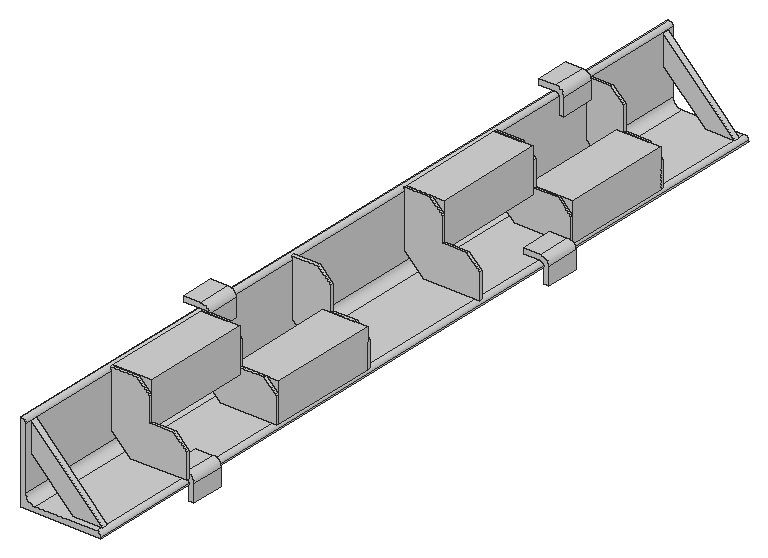
Revit family "ORMA_ORMA OUTSIDE CORNER 1,2_1900936", category Generic Models, Revit 2018
Family settings
  Can host rebar = No
  Round Connector Dimension = Use Diameter
  Part Type = Normal
  OmniClass Number = 35.51.14.00
  OmniClass Title = FORMWORK
  Work Plane-Based = Yes
  Always vertical = No
  Cut with Voids When Loaded = No
  Shared = Yes
  Room Calculation Point = No
Parameters
  VERSION = "20190101"  # constant formula
  URL = "www.ulmaconstruction.com/en"
  UNICLASS = ""
  ITEM_CODE = "1900936"
  Manufacturer = "ULMA CONSTRUCTION"  # constant formula
  FILTER [instance] = ""
  Default Elevation = 0.000 mm
  CLASSIFICATION_TITLE = ""
  CLASSIFICATION_NUMBER = ""
Reference planes
  plane 1 "Centro (Frontal/Posterior)": y = 0
  plane 2: z = 0
  plane 3 "Centro (Izquierda/Derecha)": x = 0
  plane 4 "ITEM_HEIGHT": y = 1200
Forms (mm)
  Extrusion 1, solid, material "ULMA ZINC"
    sketch origin (0, 0, 0) x (1, 0, 0) y (0, 0, 1)
      loop
        line (8, 21) -> (8, 113.5)
        arc (8, 113.5) -> (6.096, 118.096) -> (1.5, 120) r 6.5
        line (1.5, 120) -> (0, 120) -> (0, 0) -> (120, 0) -> (120, 1.5)
        arc (120, 1.5) -> (118.096, 6.096) -> (113.5, 8) r 6.5
        line (113.5, 8) -> (21, 8)
        arc (21, 8) -> (11.808, 11.808) -> (8, 21) r 13
    from -1200 to 0
  Extrusion 2, solid, material "ULMA ZINC", detail levels fine
    sketch origin (0, -48, 0) x (1, 0, 0) y (0, 0, 1)
      loop
        line (8, 37) -> (37, 8) -> (120, 8) -> (120, 46) -> (101, 65) -> (65, 65) -> (65, 101) -> (46, 120) -> (8, 120) -> (8, 37)
    from -210 to -206
  Extrusion 3, solid, material "ULMA ZINC", detail levels fine
    sketch origin (0, -48, 0) x (1, 0, 0) y (0, 0, 1)
      loop
        line (65, 120) -> (8, 120) -> (8, 40) -> (29.721, 40) -> (65, 54.975) -> (65, 120)
    from -374 to -210
  Extrusion 4, solid, material "ULMA ZINC", detail levels fine
    sketch origin (0, 120, 0) x (1, 0, 0) y (0, 0, 1)
      loop
        line (8, 37) -> (37, 8) -> (120, 8) -> (120, 46) -> (101, 65) -> (65, 65) -> (65, 101) -> (46, 120) -> (8, 120) -> (8, 37)
    from -210 to -206
  Extrusion 5, solid, material "ULMA ZINC", detail levels fine
    sketch origin (0, 120, 0) x (1, 0, 0) y (0, 0, 1)
      loop
        line (40, 29.721) -> (40, 8) -> (120, 8) -> (120, 65) -> (54.975, 65) -> (40, 29.721)
    from -374 to -210
  Extrusion 6, solid, material "ULMA ZINC", detail levels fine
    sketch origin (0, 288, 0) x (1, 0, 0) y (0, 0, 1)
      loop
        line (8, 37) -> (37, 8) -> (120, 8) -> (120, 46) -> (101, 65) -> (65, 65) -> (65, 101) -> (46, 120) -> (8, 120) -> (8, 37)
    from -210 to -206
  Extrusion 7, solid, material "ULMA ZINC", detail levels fine
    sketch origin (0, 496, 0) x (1, 0, 0) y (0, 0, 1)
      loop
        line (8, 37) -> (37, 8) -> (120, 8) -> (120, 46) -> (101, 65) -> (65, 65) -> (65, 101) -> (46, 120) -> (8, 120) -> (8, 37)
    from -210 to -206
  Extrusion 8, solid, material "ULMA ZINC", detail levels fine
    sketch origin (0, 496, 0) x (1, 0, 0) y (0, 0, 1)
      loop
        line (65, 120) -> (8, 120) -> (8, 40) -> (29.721, 40) -> (65, 54.975) -> (65, 120)
    from -374 to -210
  Extrusion 9, solid, material "ULMA ZINC", detail levels fine
    sketch origin (0, 664, 0) x (1, 0, 0) y (0, 0, 1)
      loop
        line (8, 37) -> (37, 8) -> (120, 8) -> (120, 46) -> (101, 65) -> (65, 65) -> (65, 101) -> (46, 120) -> (8, 120) -> (8, 37)
    from -210 to -206
  Extrusion 10, solid, material "ULMA ZINC", detail levels fine
    sketch origin (0, 664, 0) x (1, 0, 0) y (0, 0, 1)
      loop
        line (40, 29.721) -> (40, 8) -> (120, 8) -> (120, 65) -> (54.975, 65) -> (40, 29.721)
    from -374 to -210
  Extrusion 11, solid, material "ULMA ZINC", detail levels fine
    sketch origin (0, 832, 0) x (1, 0, 0) y (0, 0, 1)
      loop
        line (8, 37) -> (37, 8) -> (120, 8) -> (120, 46) -> (101, 65) -> (65, 65) -> (65, 101) -> (46, 120) -> (8, 120) -> (8, 37)
    from -210 to -206
  Extrusion 12, solid, material "ULMA ZINC", detail levels fine
    sketch origin (0, 0, 0) x (1, 0, 0) y (0, 0, 1)
      loop
        line (114.066, 8) -> (8, 114.066) -> (8, 71.64) -> (71.64, 8) -> (114.066, 8)
    from -1190 to -1182
  Extrusion 13, solid, material "ULMA ZINC", detail levels fine
    sketch origin (0, 0, 0) x (1, 0, 0) y (0, 0, 1)
      loop
        line (114.066, 8) -> (8, 114.066) -> (8, 71.64) -> (71.64, 8) -> (114.066, 8)
    from -18 to -10
  Extrusion 14, solid, material "ULMA ZINC", detail levels fine
    sketch origin (0, 0, 0) x (1, 0, 0) y (0, 0, 1)
      loop
        line (4, 128) -> (-21.5, 128) -> (-21.5, 120) -> (2, 120)
        arc (2, 120) -> (6.243, 118.243) -> (8, 114) r 6
        line (8, 114) -> (8, 90.5) -> (16, 90.5) -> (16, 116)
        arc (16, 116) -> (12.485, 124.485) -> (4, 128) r 12
    from -380 to -330
  Extrusion 15, solid, material "ULMA ZINC", detail levels fine
    sketch origin (0, 0, 0) x (1, 0, 0) y (0, 0, 1)
      loop
        line (120, 2) -> (120, -21.5) -> (128, -21.5) -> (128, 4)
        arc (128, 4) -> (124.485, 12.485) -> (116, 16) r 12
        line (116, 16) -> (90.5, 16) -> (90.5, 8) -> (114, 8)
        arc (114, 8) -> (118.243, 6.243) -> (120, 2) r 6
    from -212 to -162
  Extrusion 16, solid, material "ULMA ZINC", detail levels fine
    sketch origin (0, 240, 0) x (1, 0, 0) y (0, 0, 1)
      loop
        line (120, 2) -> (120, -21.5) -> (128, -21.5) -> (128, 4)
        arc (128, 4) -> (124.485, 12.485) -> (116, 16) r 12
        line (116, 16) -> (90.5, 16) -> (90.5, 8) -> (114, 8)
        arc (114, 8) -> (118.243, 6.243) -> (120, 2) r 6
    from -630 to -580
  Extrusion 17, solid, material "ULMA ZINC", detail levels fine
    sketch origin (0, 205, 0) x (1, 0, 0) y (0, 0, 1)
      loop
        line (4, 128) -> (-21.5, 128) -> (-21.5, 120) -> (2, 120)
        arc (2, 120) -> (6.243, 118.243) -> (8, 114) r 6
        line (8, 114) -> (8, 90.5) -> (16, 90.5) -> (16, 116)
        arc (16, 116) -> (12.485, 124.485) -> (4, 128) r 12
    from -833 to -783
Lines and regions (mm)
  model lines, style "ULMA PANELS", detail levels fine
    curve 1: circle (80, 72, 0) r 11 normal (0, 0, 1)
    curve 2: circle (80, 1080, 0) r 11 normal (0, 0, 1)
    curve 3: circle (80, 120, 8) r 11 normal (0, 0, 1)
    curve 4: circle (80, 1080, 8) r 11 normal (0, 0, 1)
    curve 5: circle (0, 72, 80) r 11 normal (1, 0, 0)
    curve 6: circle (0, 1080, 80) r 11 normal (1, 0, 0)
    curve 7: circle (8, 1080, 80) r 11 normal (1, 0, 0)
    curve 8: circle (8, 120, 80) r 11 normal (1, 0, 0)
Dimensions and locks
  locked: plane 1 "Centro (Frontal/Posterior)" to plane 4 "ITEM_HEIGHT" at 1200
  aligned and locked: level to plane 2
  aligned and locked: plane 1 "Centro (Frontal/Posterior)" to Extrusion 1
  aligned and locked: plane 4 "ITEM_HEIGHT" to Extrusion 1
  aligned and locked: Extrusion 3 to Extrusion 2
  aligned and locked: Extrusion 4 to Extrusion 3
  aligned and locked: Extrusion 5 to Extrusion 4
  aligned and locked: Extrusion 6 to Extrusion 5
  aligned and locked: Extrusion 8 to Extrusion 7
  aligned and locked: Extrusion 9 to Extrusion 8
  aligned and locked: Extrusion 10 to Extrusion 9
  aligned and locked: Extrusion 11 to Extrusion 10
